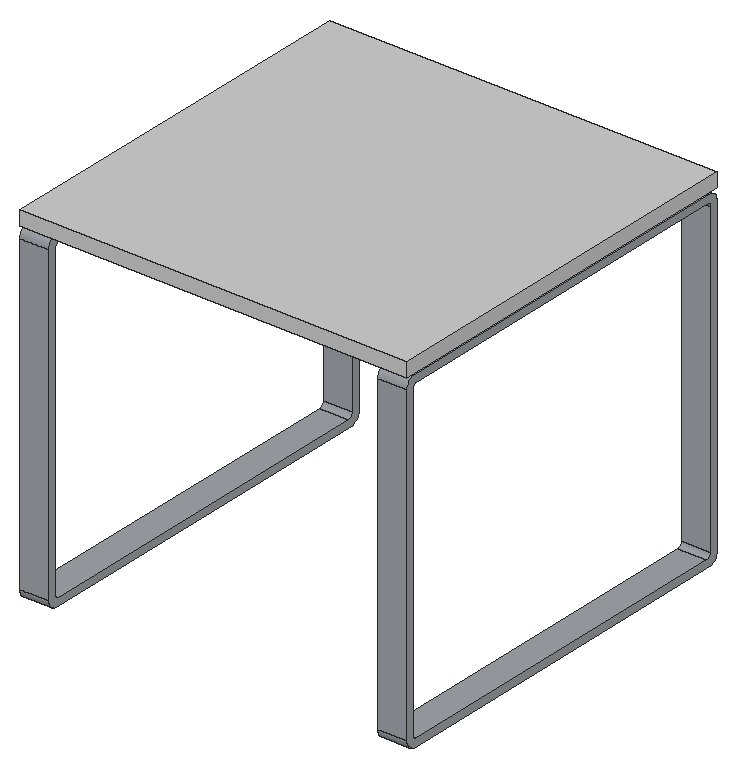
Revit family
Parameters
  URL = "http://www.martinbrattrud.com"
  Table [instance] = none
  SCS Certified Product = "Yes"
  Model = "Serif 532-20SLS"
  Manufacturer = "Martin Brattrud, Inc."
  Legs [instance] = none
  Keynote = "125000"
  Copyright = "© 2013 Martin Brattrud, Inc."
  Authoring Version = "Revit Architecture 2010"
  Assembly Code = "E2020200"
Reference planes (in)
  plane 1 "Center Front/Back": y = 0
  plane 2: z = 0
  plane 3 "Center Left/Right": x = 0
Forms (in)
  Extrusion 1, solid, material <- "Legs"
    sketch origin (-9.25, 0, 0) x (0, 1, 0) y (0, 0, 1)
      loop
        arc (10, 16.935) -> (9.85355, 17.28855) -> (9.5, 17.435) r 0.5
        line (9.5, 17.435) -> (-9.5, 17.435)
        arc (-9.5, 17.435) -> (-9.85355, 17.28855) -> (-10, 16.935) r 0.5
        line (-10, 16.935) -> (-10, 0.6875)
        arc (-10, 0.6875) -> (-9.85355, 0.33395) -> (-9.5, 0.1875) r 0.5
        line (-9.5, 0.1875) -> (9.5, 0.1875)
        arc (9.5, 0.1875) -> (9.85355, 0.33395) -> (10, 0.6875) r 0.5
        line (10, 0.6875) -> (10, 16.935)
      loop
        arc (9.625, 16.81) -> (9.55178, 16.98678) -> (9.375, 17.06) r 0.25
        line (9.375, 17.06) -> (-9.375, 17.06)
        arc (-9.375, 17.06) -> (-9.55178, 16.98678) -> (-9.625, 16.81) r 0.25
        line (-9.625, 16.81) -> (-9.625, 0.8125)
        arc (-9.625, 0.8125) -> (-9.55178, 0.63572) -> (-9.375, 0.5625) r 0.25
        line (-9.375, 0.5625) -> (9.375, 0.5625)
        arc (9.375, 0.5625) -> (9.55178, 0.63572) -> (9.625, 0.8125) r 0.25
        line (9.625, 0.8125) -> (9.625, 16.81)
    from -0.75 to 0.75
  Revolve 2, solid
    sketch origin (-9.25, -2, 0) x (0, 1, 0) y (0, 0, 1)
      loop
        line (-6.4375, 0) -> (-6.4375, 0.1875) -> (-7, 0.1875) -> (-7, 0.125)
        arc (-7, 0.125) -> (-6.96339, 0.03661) -> (-6.875, 0) r 0.125
        line (-6.875, 0) -> (-6.4375, 0)
      axis (-6.4375, 0) -> (-6.4375, 0.1875)
    angle from 0 to 360
  Revolve 3, solid
    sketch origin (-9.25, 14.875, 0) x (0, 1, 0) y (0, 0, 1)
      loop
        line (-6.4375, 0) -> (-6.4375, 0.1875) -> (-7, 0.1875) -> (-7, 0.125)
        arc (-7, 0.125) -> (-6.96339, 0.03661) -> (-6.875, 0) r 0.125
        line (-6.875, 0) -> (-6.4375, 0)
      axis (-6.4375, 0) -> (-6.4375, 0.1875)
    angle from 0 to 360
  Extrusion 4, solid, material <- "Legs"
    sketch origin (9.25, 0, 0) x (0, 1, 0) y (0, 0, -1)
      loop
        line (10, -16.935) -> (10, -0.6875)
        arc (10, -0.6875) -> (9.85355, -0.33395) -> (9.5, -0.1875) r 0.5
        line (9.5, -0.1875) -> (-9.5, -0.1875)
        arc (-9.5, -0.1875) -> (-9.85355, -0.33395) -> (-10, -0.6875) r 0.5
        line (-10, -0.6875) -> (-10, -16.935)
        arc (-10, -16.935) -> (-9.85355, -17.28855) -> (-9.5, -17.435) r 0.5
        line (-9.5, -17.435) -> (9.5, -17.435)
        arc (9.5, -17.435) -> (9.85355, -17.28855) -> (10, -16.935) r 0.5
      loop
        line (9.625, -16.81) -> (9.625, -0.8125)
        arc (9.625, -0.8125) -> (9.55178, -0.63572) -> (9.375, -0.5625) r 0.25
        line (9.375, -0.5625) -> (-9.375, -0.5625)
        arc (-9.375, -0.5625) -> (-9.55178, -0.63572) -> (-9.625, -0.8125) r 0.25
        line (-9.625, -0.8125) -> (-9.625, -16.81)
        arc (-9.625, -16.81) -> (-9.55178, -16.98678) -> (-9.375, -17.06) r 0.25
        line (-9.375, -17.06) -> (9.375, -17.06)
        arc (9.375, -17.06) -> (9.55178, -16.98678) -> (9.625, -16.81) r 0.25
    from -0.75 to 0.75
  Revolve 5, solid
    sketch origin (9.25, -2, 0) x (0, 1, 0) y (0, 0, -1)
      loop
        line (-6.4375, 0) -> (-6.875, 0)
        arc (-6.875, 0) -> (-6.96339, -0.03661) -> (-7, -0.125) r 0.125
        line (-7, -0.125) -> (-7, -0.1875) -> (-6.4375, -0.1875) -> (-6.4375, 0)
      axis (-6.4375, 0) -> (-6.4375, -0.1875)
    angle from 0 to 360
  Revolve 6, solid
    sketch origin (9.25, 14.875, 0) x (0, 1, 0) y (0, 0, -1)
      loop
        line (-6.4375, 0) -> (-6.875, 0)
        arc (-6.875, 0) -> (-6.96339, -0.03661) -> (-7, -0.125) r 0.125
        line (-7, -0.125) -> (-7, -0.1875) -> (-6.4375, -0.1875) -> (-6.4375, 0)
      axis (-6.4375, 0) -> (-6.4375, -0.1875)
    angle from 0 to 360
  Extrusion 7, solid, material <- "Table"
    sketch origin (0, 0, -2) x (1, 0, 0) y (0, 1, 0)
      loop
        line (-10, 10) -> (-10, -10) -> (10, -10) -> (10, 10) -> (-10, 10)
    from 19.4975 to 20.2475
